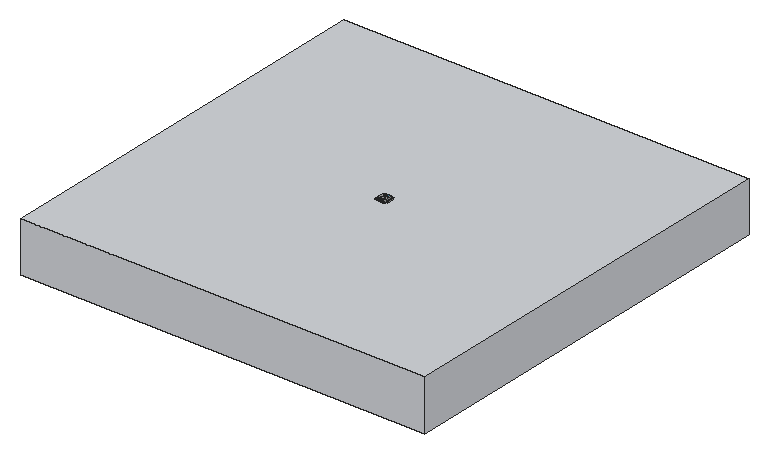
Revit family "2CKA001032A0490", category Electrical Fixtures, host Face, Revit 2014
Parameters
  White = White
  Glass = Glass
  Default Elevation = 1219.2 mm
Reference planes
  plane 1 "Center (Front/Back)": y = 0
  plane 2: z = 0
  plane 3 "Center (Left/Right)": x = 0
Forms (mm)
  Extrusion 1, solid
    sketch origin (0, 0, 0) x (1, 0, 0) y (0, 1, 0)
      loop
        line (-1219.2, 1219.2) -> (-1219.2, -1219.2) -> (1219.2, -1219.2) -> (1219.2, 1219.2) -> (-1219.2, 1219.2)
    from 0 to -304.8
  Extrusion 2, solid, material "White" <- "White", detail levels medium
    sketch origin (0, 0, 0) x (1, 0, 0) y (0, 1, 0)
      loop
        line (35.4, 35.4) -> (-35.4, 35.4) -> (-35.4, -35.4) -> (35.4, -35.4) -> (35.4, 35.4)
    from 0 to 1
  Extrusion 3, solid, material "White" <- "White", detail levels medium+fine
    sketch origin (0, 0, 0) x (1, 0, 0) y (0, 1, 0)
      loop
        arc (-16, 26) -> (-23.071, 23.071) -> (-26, 16) r 10
        line (-26, 16) -> (-26, -16)
        arc (-26, -16) -> (-23.071, -23.071) -> (-16, -26) r 10
        line (-16, -26) -> (16, -26)
        arc (16, -26) -> (23.071, -23.071) -> (26, -16) r 10
        line (26, -16) -> (26, 16)
        arc (26, 16) -> (23.071, 23.071) -> (16, 26) r 10
        line (16, 26) -> (-16, 26)
    from 0 to -33
  Extrusion 4, solid, material "White" <- "White", detail levels fine
    sketch origin (0, 0, 0) x (1, 0, 0) y (0, 1, 0)
      loop
        arc (-25.4, -17.5) -> (-23.086, -23.086) -> (-17.5, -25.4) r 7.9
        line (-17.5, -25.4) -> (17.5, -25.4)
        arc (17.5, -25.4) -> (23.086, -23.086) -> (25.4, -17.5) r 7.9
        line (25.4, -17.5) -> (25.4, 18.213)
        arc (25.4, 18.213) -> (22.917, 23.139) -> (17.886, 25.4) r 8.251
        line (17.886, 25.4) -> (-17.5, 25.4)
        arc (-17.5, 25.4) -> (-23.086, 23.086) -> (-25.4, 17.5) r 7.9
        line (-25.4, 17.5) -> (-25.4, -17.5)
    from 10 to 0
  Extrusion 5, solid, material "White" <- "White", detail levels medium
    sketch origin (0, 0, 0) x (1, 0, 0) y (0, 1, 0)
      loop
        line (-25.4, -25.4) -> (25.4, -25.4) -> (25.4, 25.4) -> (-25.4, 25.4) -> (-25.4, -25.4)
    from 0 to 13
  Extrusion 6, solid, material "White" <- "White", detail levels coarse
    sketch origin (0, 0, 0) x (1, 0, 0) y (0, 1, 0)
      loop
        line (35.4, 35.4) -> (-35.4, 35.4) -> (-35.4, -35.4) -> (35.4, -35.4) -> (35.4, 35.4)
    from -33 to 13
  Extrusion 7, solid, material "White" <- "White", detail levels fine
    sketch origin (0, 0, 0) x (1, 0, 0) y (0, 1, 0)
      loop
        line (-20.65, 30.9) -> (-29.4, 30.9)
        arc (-29.4, 30.9) -> (-30.461, 30.461) -> (-30.9, 29.4) r 1.5
        line (-30.9, 29.4) -> (-30.9, 20.65)
        arc (-30.9, 20.65) -> (-31.339, 19.589) -> (-32.4, 19.15) r 1.5
        line (-32.4, 19.15) -> (-34.4, 19.15)
        arc (-34.4, 19.15) -> (-35.107, 18.857) -> (-35.4, 18.15) r 1
        line (-35.4, 18.15) -> (-35.4, -18.15)
        arc (-35.4, -18.15) -> (-35.107, -18.857) -> (-34.4, -19.15) r 1
        line (-34.4, -19.15) -> (-32.4, -19.15)
        arc (-32.4, -19.15) -> (-31.339, -19.589) -> (-30.9, -20.65) r 1.5
        line (-30.9, -20.65) -> (-30.9, -29.4)
        arc (-30.9, -29.4) -> (-30.461, -30.461) -> (-29.4, -30.9) r 1.5
        line (-29.4, -30.9) -> (-20.65, -30.9)
        arc (-20.65, -30.9) -> (-19.589, -31.339) -> (-19.15, -32.4) r 1.5
        line (-19.15, -32.4) -> (-19.15, -34.4)
        arc (-19.15, -34.4) -> (-18.857, -35.107) -> (-18.15, -35.4) r 1
        line (-18.15, -35.4) -> (18.15, -35.4)
        arc (18.15, -35.4) -> (18.857, -35.107) -> (19.15, -34.4) r 1
        line (19.15, -34.4) -> (19.15, -32.4)
        arc (19.15, -32.4) -> (19.589, -31.339) -> (20.65, -30.9) r 1.5
        line (20.65, -30.9) -> (29.4, -30.9)
        arc (29.4, -30.9) -> (30.461, -30.461) -> (30.9, -29.4) r 1.5
        line (30.9, -29.4) -> (30.9, -20.65)
        arc (30.9, -20.65) -> (31.339, -19.589) -> (32.4, -19.15) r 1.5
        line (32.4, -19.15) -> (34.4, -19.15)
        arc (34.4, -19.15) -> (35.107, -18.857) -> (35.4, -18.15) r 1
        line (35.4, -18.15) -> (35.4, 18.15)
        arc (35.4, 18.15) -> (35.107, 18.857) -> (34.4, 19.15) r 1
        line (34.4, 19.15) -> (32.4, 19.15)
        arc (32.4, 19.15) -> (31.339, 19.589) -> (30.9, 20.65) r 1.5
        line (30.9, 20.65) -> (30.9, 29.4)
        arc (30.9, 29.4) -> (30.461, 30.461) -> (29.4, 30.9) r 1.5
        line (29.4, 30.9) -> (20.65, 30.9)
        arc (20.65, 30.9) -> (19.589, 31.339) -> (19.15, 32.4) r 1.5
        line (19.15, 32.4) -> (19.15, 34.4)
        arc (19.15, 34.4) -> (18.857, 35.107) -> (18.15, 35.4) r 1
        line (18.15, 35.4) -> (-18.15, 35.4)
        arc (-18.15, 35.4) -> (-18.857, 35.107) -> (-19.15, 34.4) r 1
        line (-19.15, 34.4) -> (-19.15, 32.4)
        arc (-19.15, 32.4) -> (-19.589, 31.339) -> (-20.65, 30.9) r 1.5
      loop
        arc (3.317, 28.055) -> (6.689, 26.473) -> (9.002, 29.394) r 3
        arc (9.002, 29.394) -> (7.148, 32.166) -> (3.878, 31.512) r 3
        arc (3.878, 31.512) -> (-1.253, 31.725) -> (-6.352, 31.108) r 31.75
        arc (-6.352, 31.108) -> (-7.716, 29.043) -> (-5.651, 27.679) r 1.75
        arc (-5.651, 27.679) -> (-1.182, 28.225) -> (3.317, 28.055) r 28.25
      loop
        arc (-3.317, -28.055) -> (-8.963, -28.913) -> (-3.878, -31.512) r 3
        arc (-3.878, -31.512) -> (1.253, -31.725) -> (6.352, -31.108) r 31.75
        arc (6.352, -31.108) -> (7.357, -30.5) -> (7.752, -29.394) r 1.75
        arc (7.752, -29.394) -> (7.108, -28.038) -> (5.651, -27.679) r 1.75
        arc (5.651, -27.679) -> (1.182, -28.225) -> (-3.317, -28.055) r 28.25
      loop
        arc (-28.055, 3.317) -> (-27.815, 8.553) -> (-32.394, 6.002) r 3
        arc (-32.394, 6.002) -> (-32.165, 4.852) -> (-31.512, 3.878) r 3
        arc (-31.512, 3.878) -> (-31.725, -1.253) -> (-31.108, -6.352) r 31.75
        arc (-31.108, -6.352) -> (-29.043, -7.716) -> (-27.679, -5.651) r 1.75
        arc (-27.679, -5.651) -> (-28.225, -1.182) -> (-28.055, 3.317) r 28.25
      loop
        arc (28.055, -3.317) -> (27.815, -8.553) -> (32.394, -6.002) r 3
        arc (32.394, -6.002) -> (32.165, -4.852) -> (31.512, -3.878) r 3
        arc (31.512, -3.878) -> (31.691, -1.942) -> (31.75, 0) r 31.75
        arc (31.75, 0) -> (31.589, 3.192) -> (31.108, 6.352) r 31.75
        arc (31.108, 6.352) -> (29.043, 7.716) -> (27.679, 5.651) r 1.75
        arc (27.679, 5.651) -> (28.107, 2.84) -> (28.25, 0) r 28.25
        arc (28.25, 0) -> (28.201, -1.661) -> (28.055, -3.317) r 28.25
    from 0 to 1
  Extrusion 8, solid, material "Glass", detail levels fine
    sketch origin (0, 0, 0) x (1, 0, 0) y (0, 1, 0)
      loop
        line (-11, 22) -> (-11, 12) -> (11, 12) -> (11, 22) -> (-11, 22)
    from 10 to 13
  Extrusion 9, solid, material "White", detail levels fine
    sketch origin (0, 0, 0) x (1, 0, 0) y (0, 1, 0)
      loop
        circle (0, -14.195) r 10
    from 10 to 11
Lines and regions (mm)
  model lines, detail levels medium
    curve 1: arc (10, -14.195, 13) -> (0, -4.195, 13) -> (-10, -14.195, 13) r 10
    curve 2: arc (-10, -14.195, 13) -> (0, -24.195, 13) -> (10, -14.195, 13) r 10
    curve 3: line (11, 12, 13) -> (11, 22, 13)
    curve 4: line (11, 22, 13) -> (-11, 22, 13)
    curve 5: line (-11, 22, 13) -> (-11, 12, 13)
    curve 6: line (-11, 12, 13) -> (11, 12, 13)
  reference lines
    curve 7: line (0, 35.4, 0) -> (0, -35.4, 0)
Dimensions and locks
  aligned and locked: plane 2 to Extrusion 1
  aligned and locked: level to Extrusion 1
Connectors
  electrical at (0, 0, -33)
    settings: on Extrusion 6, index 1, voltage 230 V, apparent load 0 VA, apparent load phase1 0 VA, apparent load phase2 0 VA, apparent load phase3 0 VA, power factor 1, load classification "Other", number of poles 1, system type 30, power factor state 1, is connector primary yes, connector utility no, sub classification motor no, connector description ""
